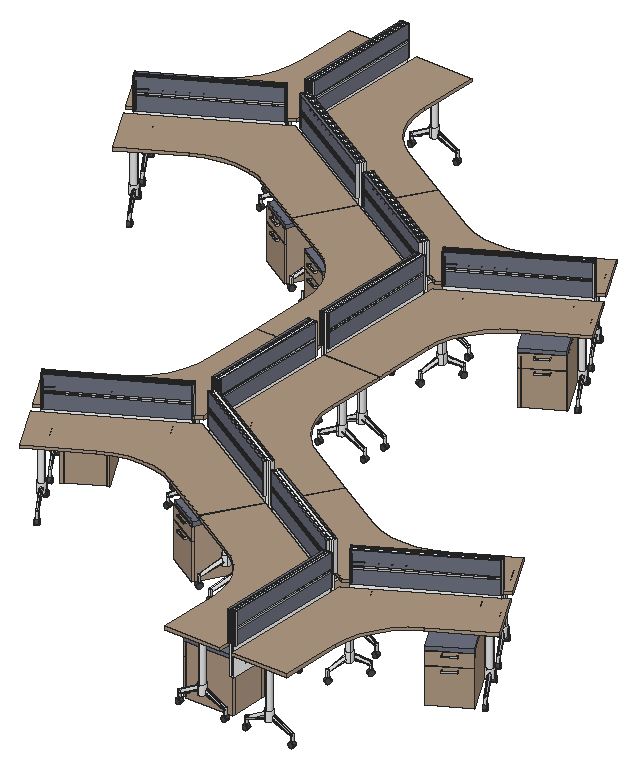
Revit family "T200028", category Furniture, Revit 2013 (continued)
Forms (in)
  Extrusion 292, solid, material "OFS BRANDS INTERMIX WORK Cushion Fabric" <- "Cushion Material"
    sketch origin (51.17952, 7.53675, 18.4375) x (-0.866009, -0.500029, 0) y (-0.500029, 0.866009, 0)
      loop
        line (-26.70937, 43.82086) -> (-11.08437, 43.82087) -> (-11.08437, 63.07087) -> (-26.70937, 63.07086) -> (-26.70937, 43.82086)
    from -3.5 to -2
  Extrusion 293, solid, material "OFS BRANDS INTERMIX WORK Roll Plastic" <- "Roll Material"
    sketch origin (51.99237, 55.66788, 29.4745) x (0.500029, -0.866009, 0) y (0, 0, 1)
      loop
        circle (-19.32729, -28.53442) r 0.94008
    from -0.75 to 0.78386
  Extrusion 294, solid, material "OFS BRANDS INTERMIX WORK Roll Plastic" <- "Roll Material"
    sketch origin (51.99237, 55.66788, 29.4745) x (0.500029, -0.866009, 0) y (0, 0, 1)
      loop
        line (-18.30139, -28.55034) -> (-18.21545, -28.55034)
        arc (-18.21545, -28.55034) -> (-18.50581, -27.785) -> (-19.24135, -27.42579) r 1.11196
        line (-19.24135, -27.42579) -> (-19.24135, -27.09434) -> (-19.41323, -27.09434) -> (-19.41323, -27.42579)
        arc (-19.41323, -27.42579) -> (-20.14338, -27.77914) -> (-20.43925, -28.53442) r 1.11196
        line (-20.43925, -28.53442) -> (-20.35331, -28.53442)
        arc (-20.35331, -28.53442) -> (-20.08257, -27.83996) -> (-19.41323, -27.51201) r 1.02602
        line (-19.41323, -27.51201) -> (-19.41323, -27.59827)
        arc (-19.41323, -27.59827) -> (-19.32729, -27.59434) -> (-19.24135, -27.59827) r 0.94008
        line (-19.24135, -27.59827) -> (-19.24135, -27.51201)
        arc (-19.24135, -27.51201) -> (-18.56665, -27.84584) -> (-18.30139, -28.55034) r 1.02602
    from -0.56728 to 0.61508
  Extrusion 295, solid, material "OFS BRANDS INTERMIX WORK Chassis Wood" <- "Chassis Material"
    sketch origin (130.95118, 20.06909, -8.30733) x (-0.866009, -0.500029, 0) y (0.500029, -0.866009, 0)
      loop
        line (49.64011, -73.35589) -> (49.64011, -91.10589) -> (63.26511, -91.10589) -> (63.26511, -73.35589) -> (49.64011, -73.35589)
    from 10.6875 to 11.75
  Extrusion 296, solid, material "OFS BRANDS INTERMIX WORK Roll Plastic" <- "Roll Material"
    sketch origin (41.81846, 49.79352, 29.4745) x (0.500029, -0.866009, 0) y (0, 0, -1)
      loop
        circle (-19.32729, 28.53442) r 0.94008
    from -0.75 to 0.78386
  Extrusion 297, solid, material "OFS BRANDS INTERMIX WORK Roll Plastic" <- "Roll Material"
    sketch origin (41.81846, 49.79352, 29.4745) x (0.500029, -0.866009, 0) y (0, 0, -1)
      loop
        arc (-18.30139, 28.55034) -> (-18.56665, 27.84584) -> (-19.24135, 27.51201) r 1.02602
        line (-19.24135, 27.51201) -> (-19.24135, 27.59827)
        arc (-19.24135, 27.59827) -> (-19.32729, 27.59434) -> (-19.41323, 27.59827) r 0.94008
        line (-19.41323, 27.59827) -> (-19.41323, 27.51201)
        arc (-19.41323, 27.51201) -> (-20.08257, 27.83996) -> (-20.35331, 28.53442) r 1.02602
        line (-20.35331, 28.53442) -> (-20.43925, 28.53442)
        arc (-20.43925, 28.53442) -> (-20.14338, 27.77914) -> (-19.41323, 27.42579) r 1.11196
        line (-19.41323, 27.42579) -> (-19.41323, 27.09434) -> (-19.24135, 27.09434) -> (-19.24135, 27.42579)
        arc (-19.24135, 27.42579) -> (-18.50581, 27.785) -> (-18.21545, 28.55034) r 1.11196
        line (-18.21545, 28.55034) -> (-18.30139, 28.55034)
    from -0.56728 to 0.61508
  Extrusion 298, solid, material "OFS BRANDS INTERMIX WORK Roll Plastic" <- "Roll Material"
    sketch origin (39.91712, 76.58122, 29.4745) x (-0.500029, 0.866009, 0) y (0, 0, -1)
      loop
        circle (-19.32729, 28.53442) r 0.94008
    from -0.75 to 0.78386
  Extrusion 299, solid, material "OFS BRANDS INTERMIX WORK Roll Plastic" <- "Roll Material"
    sketch origin (39.91712, 76.58122, 29.4745) x (-0.500029, 0.866009, 0) y (0, 0, -1)
      loop
        arc (-18.30139, 28.55034) -> (-18.56665, 27.84584) -> (-19.24135, 27.51201) r 1.02602
        line (-19.24135, 27.51201) -> (-19.24135, 27.59827)
        arc (-19.24135, 27.59827) -> (-19.32729, 27.59434) -> (-19.41323, 27.59827) r 0.94008
        line (-19.41323, 27.59827) -> (-19.41323, 27.51201)
        arc (-19.41323, 27.51201) -> (-20.08257, 27.83996) -> (-20.35331, 28.53442) r 1.02602
        line (-20.35331, 28.53442) -> (-20.43925, 28.53442)
        arc (-20.43925, 28.53442) -> (-20.14338, 27.77914) -> (-19.41323, 27.42579) r 1.11196
        line (-19.41323, 27.42579) -> (-19.41323, 27.09434) -> (-19.24135, 27.09434) -> (-19.24135, 27.42579)
        arc (-19.24135, 27.42579) -> (-18.50581, 27.785) -> (-18.21545, 28.55034) r 1.11196
        line (-18.21545, 28.55034) -> (-18.30139, 28.55034)
    from -0.56728 to 0.61508
  Extrusion 300, solid, material "OFS BRANDS INTERMIX WORK Roll Plastic" <- "Roll Material"
    sketch origin (29.7432, 70.70685, 29.4745) x (-0.500029, 0.866009, 0) y (0, 0, 1)
      loop
        circle (-19.32729, -28.53442) r 0.94008
    from -0.75 to 0.78386
  Extrusion 301, solid, material "OFS BRANDS INTERMIX WORK Roll Plastic" <- "Roll Material"
    sketch origin (29.7432, 70.70685, 29.4745) x (-0.500029, 0.866009, 0) y (0, 0, 1)
      loop
        line (-18.30139, -28.55034) -> (-18.21545, -28.55034)
        arc (-18.21545, -28.55034) -> (-18.50581, -27.785) -> (-19.24135, -27.42579) r 1.11196
        line (-19.24135, -27.42579) -> (-19.24135, -27.09434) -> (-19.41323, -27.09434) -> (-19.41323, -27.42579)
        arc (-19.41323, -27.42579) -> (-20.14338, -27.77914) -> (-20.43925, -28.53442) r 1.11196
        line (-20.43925, -28.53442) -> (-20.35331, -28.53442)
        arc (-20.35331, -28.53442) -> (-20.08257, -27.83996) -> (-19.41323, -27.51201) r 1.02602
        line (-19.41323, -27.51201) -> (-19.41323, -27.59827)
        arc (-19.41323, -27.59827) -> (-19.32729, -27.59434) -> (-19.24135, -27.59827) r 0.94008
        line (-19.24135, -27.59827) -> (-19.24135, -27.51201)
        arc (-19.24135, -27.51201) -> (-18.56665, -27.84584) -> (-18.30139, -28.55034) r 1.02602
    from -0.56728 to 0.61508
  Extrusion 302, solid, material "OFS BRANDS INTERMIX WORK Roll Plastic" <- "Roll Material"
    sketch origin (3.2229, 4.97458, 29.4745) x (-1, -0.000033, 0) y (0, 0, 1)
      loop
        circle (-19.32729, -28.53442) r 0.94008
    from -0.75 to 0.78386
  Extrusion 303, solid, material "OFS BRANDS INTERMIX WORK Roll Plastic" <- "Roll Material"
    sketch origin (3.2229, 4.97458, 29.4745) x (-1, -0.000033, 0) y (0, 0, 1)
      loop
        line (-18.30139, -28.55034) -> (-18.21545, -28.55034)
        arc (-18.21545, -28.55034) -> (-18.50581, -27.785) -> (-19.24135, -27.42579) r 1.11196
        line (-19.24135, -27.42579) -> (-19.24135, -27.09434) -> (-19.41323, -27.09434) -> (-19.41323, -27.42579)
        arc (-19.41323, -27.42579) -> (-20.14338, -27.77914) -> (-20.43925, -28.53442) r 1.11196
        line (-20.43925, -28.53442) -> (-20.35331, -28.53442)
        arc (-20.35331, -28.53442) -> (-20.08257, -27.83996) -> (-19.41323, -27.51201) r 1.02602
        line (-19.41323, -27.51201) -> (-19.41323, -27.59827)
        arc (-19.41323, -27.59827) -> (-19.32729, -27.59434) -> (-19.24135, -27.59827) r 0.94008
        line (-19.24135, -27.59827) -> (-19.24135, -27.51201)
        arc (-19.24135, -27.51201) -> (-18.56665, -27.84584) -> (-18.30139, -28.55034) r 1.02602
    from -0.56728 to 0.61508
  Extrusion 304, solid, material "OFS BRANDS INTERMIX WORK Feet Metal" <- "Feet Material"
    sketch origin (0.0035, 56.57553, 0) x (-0.000033, 1, 0) y (-1, -0.000033, 0)
      loop
        line (-54.57973, -9.4) -> (-54.57973, -17.4) -> (-48.57973, -17.4) -> (-48.57973, -9.4) -> (-54.57973, -9.4)
    from 27.6875 to 27.87542
  Extrusion 305, solid, material "OFS BRANDS INTERMIX WORK Feet Metal" <- "Feet Material"
    sketch origin (0.0035, 56.57553, 0) x (-0.000033, 1, 0) y (-1, -0.000033, 0)
      loop
        circle (-51.57876, -13.39995) r 1.14391
    from 10.29161 to 27.6875
  Extrusion 306, solid, material "OFS BRANDS INTERMIX WORK Feet Metal" <- "Feet Material"
    sketch origin (0.0035, 56.57553, 0) x (-0.000033, 1, 0) y (-1, -0.000033, 0)
      loop
        circle (-51.57876, -13.40165) r 1.51553
    from 6.70403 to 10.29161
  Extrusion 307, solid, material "OFS BRANDS INTERMIX WORK Feet Metal" <- "Feet Material"
    sketch origin (0.0035, 56.57553, 0) x (-0.000033, 1, 0) y (-1, -0.000033, 0)
      loop
        circle (-51.57715, -22.59884) r 0.43
    from 2.38016 to 4.82597
  SweptBlend 308, solid, material "OFS BRANDS INTERMIX WORK Feet Metal" <- "Feet Material"
    path origin (0.0035, 56.57553, 0) x (-1, -0.000033, 0) y (0, 0, 1)
      loop
        line (-13.40165, 7.14826) -> (-22.60845, 3.84119)
    profile origin (13.40515, 56.57597, 7.14826) x (-0.338052, -0.000011, -0.941127) y (-0.000033, 1, 0)
      loop
        line (-2.62281, -51.51844) -> (-2.62281, -51.63768)
        arc (-2.62281, -51.63768) -> (-2.58269, -51.75888) -> (-2.47817, -51.8322) r 0.20313
        line (-2.47817, -51.8322) -> (-1.22705, -52.20839)
        arc (-1.22705, -52.20839) -> (-0.97865, -52.23103) -> (-0.74123, -52.15459) r 0.6241
        line (-0.74123, -52.15459) -> (-0.41933, -51.97341)
        arc (-0.41933, -51.97341) -> (-0.37972, -51.93444) -> (-0.36519, -51.8808) r 0.10627
        line (-0.36519, -51.8808) -> (-0.36519, -51.27484)
        arc (-0.36519, -51.27484) -> (-0.37961, -51.2216) -> (-0.41893, -51.18293) r 0.10547
        line (-0.41893, -51.18293) -> (-0.7409, -51.00171)
        arc (-0.7409, -51.00171) -> (-0.97866, -50.92516) -> (-1.22742, -50.94783) r 0.625
        line (-1.22742, -50.94783) -> (-2.47816, -51.32389)
        arc (-2.47816, -51.32389) -> (-2.58268, -51.39722) -> (-2.62281, -51.51844) r 0.20315
    end profile origin (22.61195, 56.57628, 3.84119) x (-0.338052, -0.000011, -0.941127) y (-0.000033, 1, 0)
      loop
        arc (-0.00296, -51.97173) -> (0.12974, -51.57876) -> (-0.00296, -51.18579) r 0.64824
        arc (-0.00296, -51.18579) -> (-0.47961, -51.2339) -> (-0.93193, -51.39177) r 2.04165
        arc (-0.93193, -51.39177) -> (-1.04882, -51.57876) -> (-0.93193, -51.76575) r 0.20801
        arc (-0.93193, -51.76575) -> (-0.47961, -51.92362) -> (-0.00296, -51.97173) r 2.04165
  Extrusion 309, solid, material "OFS BRANDS INTERMIX WORK Roll Plastic" <- "Roll Material"
    sketch origin (23.5875, 4.97525, 29.4745) x (1, 0.000033, 0) y (0, 0, -1)
      loop
        circle (-19.32729, 28.53442) r 0.94008
    from -0.75 to 0.78386
  Extrusion 310, solid, material "OFS BRANDS INTERMIX WORK Roll Plastic" <- "Roll Material"
    sketch origin (23.5875, 4.97525, 29.4745) x (1, 0.000033, 0) y (0, 0, -1)
      loop
        arc (-18.30139, 28.55034) -> (-18.56665, 27.84584) -> (-19.24135, 27.51201) r 1.02602
        line (-19.24135, 27.51201) -> (-19.24135, 27.59827)
        arc (-19.24135, 27.59827) -> (-19.32729, 27.59434) -> (-19.41323, 27.59827) r 0.94008
        line (-19.41323, 27.59827) -> (-19.41323, 27.51201)
        arc (-19.41323, 27.51201) -> (-20.08257, 27.83996) -> (-20.35331, 28.53442) r 1.02602
        line (-20.35331, 28.53442) -> (-20.43925, 28.53442)
        arc (-20.43925, 28.53442) -> (-20.14338, 27.77914) -> (-19.41323, 27.42579) r 1.11196
        line (-19.41323, 27.42579) -> (-19.41323, 27.09434) -> (-19.24135, 27.09434) -> (-19.24135, 27.42579)
        arc (-19.24135, 27.42579) -> (-18.50581, 27.785) -> (-18.21545, 28.55034) r 1.11196
        line (-18.21545, 28.55034) -> (-18.30139, 28.55034)
    from -0.56728 to 0.61508
  Extrusion 311, solid, material "OFS BRANDS INTERMIX WORK Feet Metal" <- "Feet Material"
    sketch origin (26.8035, 56.57641, 0) x (-0.000033, 1, 0) y (-1, -0.000033, 0)
      loop
        circle (-51.57715, 22.59884) r 0.43
    from 2.38016 to 4.82597
  SweptBlend 312, solid, material "OFS BRANDS INTERMIX WORK Feet Metal" <- "Feet Material"
    path origin (26.8035, 56.57641, 0) x (1, 0.000033, 0) y (0, 0, -1)
      loop
        line (-13.40165, -7.14826) -> (-22.60845, -3.84119)
    profile origin (13.40185, 56.57597, 7.14826) x (-0.338052, -0.000011, 0.941127) y (-0.000033, 1, 0)
      loop
        arc (2.62281, -51.51844) -> (2.58268, -51.39722) -> (2.47816, -51.32389) r 0.20315
        line (2.47816, -51.32389) -> (1.22742, -50.94783)
        arc (1.22742, -50.94783) -> (0.97866, -50.92516) -> (0.7409, -51.00171) r 0.625
        line (0.7409, -51.00171) -> (0.41893, -51.18293)
        arc (0.41893, -51.18293) -> (0.37961, -51.2216) -> (0.36519, -51.27484) r 0.10547
        line (0.36519, -51.27484) -> (0.36519, -51.8808)
        arc (0.36519, -51.8808) -> (0.37972, -51.93444) -> (0.41933, -51.97341) r 0.10627
        line (0.41933, -51.97341) -> (0.74123, -52.15459)
        arc (0.74123, -52.15459) -> (0.97865, -52.23103) -> (1.22705, -52.20839) r 0.6241
        line (1.22705, -52.20839) -> (2.47817, -51.8322)
        arc (2.47817, -51.8322) -> (2.58269, -51.75888) -> (2.62281, -51.63768) r 0.20313
        line (2.62281, -51.63768) -> (2.62281, -51.51844)
    end profile origin (4.19505, 56.57567, 3.84119) x (-0.338052, -0.000011, 0.941127) y (-0.000033, 1, 0)
      loop
        arc (0.00296, -51.97173) -> (0.47961, -51.92362) -> (0.93193, -51.76575) r 2.04165
        arc (0.93193, -51.76575) -> (1.04882, -51.57876) -> (0.93193, -51.39177) r 0.20801
        arc (0.93193, -51.39177) -> (0.47961, -51.2339) -> (0.00296, -51.18579) r 2.04165
        arc (0.00296, -51.18579) -> (-0.12974, -51.57876) -> (0.00296, -51.97173) r 0.64824
  Extrusion 313, solid, material "OFS BRANDS INTERMIX WORK Top Core Wood" <- "Top Core Material"
    sketch origin (125.5118, 75.6627, 0) x (0.500029, -0.866009, 0) y (0.866009, 0.500029, 0)
      loop
        line (3.97134, -144.44683) -> (14.97134, -125.39429) -> (-5.81327, -113.39428)
        arc (-5.81327, -113.39428) -> (-16.7855, -102.41798) -> (-20.79403, -87.42463) r 29.96155
        line (-20.79403, -87.42463) -> (-20.79403, -63.44684) -> (-42.79403, -63.44684) -> (-42.79403, -117.44683) -> (3.97134, -144.44683)
    from 27.87542 to 29.00005
  Extrusion 314, solid, material "OFS BRANDS INTERMIX WORK Feet Metal" <- "Feet Material"
    sketch origin (-28.63872, 87.38944, 0) x (-0.866042, 0.499971, 0) y (-0.499971, -0.866042, 0)
      loop
        line (-54.57973, 9.4) -> (-48.57973, 9.4) -> (-48.57973, 17.4) -> (-54.57973, 17.4) -> (-54.57973, 9.4)
    from 27.6875 to 27.87542
  Extrusion 315, solid, material "OFS BRANDS INTERMIX WORK Feet Metal" <- "Feet Material"
    sketch origin (-28.63872, 87.38944, 0) x (-0.866042, 0.499971, 0) y (-0.499971, -0.866042, 0)
      loop
        circle (-51.57876, 13.39995) r 1.14391
    from 10.29161 to 27.6875
  Extrusion 316, solid, material "OFS BRANDS INTERMIX WORK Feet Metal" <- "Feet Material"
    sketch origin (-28.63872, 87.38944, 0) x (-0.866042, 0.499971, 0) y (-0.499971, -0.866042, 0)
      loop
        circle (-51.57876, 13.40165) r 1.51553
    from 6.70403 to 10.29161
  Extrusion 317, solid, material "OFS BRANDS INTERMIX WORK Roll Plastic" <- "Roll Material"
    sketch origin (3.28989, 39.48759, 29.4745) x (-0.499971, -0.866042, 0) y (0, 0, 1)
      loop
        circle (-19.32729, -28.53442) r 0.94008
    from -0.75 to 0.78386
  Extrusion 318, solid, material "OFS BRANDS INTERMIX WORK Roll Plastic" <- "Roll Material"
    sketch origin (3.28989, 39.48759, 29.4745) x (-0.499971, -0.866042, 0) y (0, 0, 1)
      loop
        line (-18.30139, -28.55034) -> (-18.21545, -28.55034)
        arc (-18.21545, -28.55034) -> (-18.50581, -27.785) -> (-19.24135, -27.42579) r 1.11196
        line (-19.24135, -27.42579) -> (-19.24135, -27.09434) -> (-19.41323, -27.09434) -> (-19.41323, -27.42579)
        arc (-19.41323, -27.42579) -> (-20.14338, -27.77914) -> (-20.43925, -28.53442) r 1.11196
        line (-20.43925, -28.53442) -> (-20.35331, -28.53442)
        arc (-20.35331, -28.53442) -> (-20.08257, -27.83996) -> (-19.41323, -27.51201) r 1.02602
        line (-19.41323, -27.51201) -> (-19.41323, -27.59827)
        arc (-19.41323, -27.59827) -> (-19.32729, -27.59434) -> (-19.24135, -27.59827) r 0.94008
        line (-19.24135, -27.59827) -> (-19.24135, -27.51201)
        arc (-19.24135, -27.51201) -> (-18.56665, -27.84584) -> (-18.30139, -28.55034) r 1.02602
    from -0.56728 to 0.61508
  Extrusion 319, solid, material "OFS BRANDS INTERMIX WORK Feet Metal" <- "Feet Material"
    sketch origin (-43.00755, 62.49995, 0) x (-0.866042, 0.499971, 0) y (-0.499971, -0.866042, 0)
      loop
        circle (-51.57715, -22.59884) r 0.43
    from 2.38016 to 4.9582
  SweptBlend 320, solid, material "OFS BRANDS INTERMIX WORK Feet Metal" <- "Feet Material"
    path origin (-42.03794, 64.1795, 0) x (-0.499971, -0.866042, 0) y (0, 0, 1)
      loop
        line (-13.15165, 7.14826) -> (-20.5899, 3.99092)
    profile origin (-35.4625, 75.56939, 7.14826) x (-0.195354, -0.33839, -0.920505) y (-0.866042, 0.499971, 0)
      loop
        line (-2.62281, -51.51844) -> (-2.62281, -51.63768)
        arc (-2.62281, -51.63768) -> (-2.58269, -51.75888) -> (-2.47817, -51.8322) r 0.20313
        line (-2.47817, -51.8322) -> (-1.22705, -52.20839)
        arc (-1.22705, -52.20839) -> (-0.97865, -52.23103) -> (-0.74123, -52.15459) r 0.6241
        line (-0.74123, -52.15459) -> (-0.41933, -51.97341)
        arc (-0.41933, -51.97341) -> (-0.37972, -51.93444) -> (-0.36519, -51.8808) r 0.10627
        line (-0.36519, -51.8808) -> (-0.36519, -51.27484)
        arc (-0.36519, -51.27484) -> (-0.37961, -51.2216) -> (-0.41893, -51.18293) r 0.10547
        line (-0.41893, -51.18293) -> (-0.7409, -51.00171)
        arc (-0.7409, -51.00171) -> (-0.97866, -50.92516) -> (-1.22742, -50.94783) r 0.625
        line (-1.22742, -50.94783) -> (-2.47816, -51.32389)
        arc (-2.47816, -51.32389) -> (-2.58268, -51.39722) -> (-2.62281, -51.51844) r 0.20315
    end profile origin (-31.74359, 82.01122, 3.99092) x (-0.195354, -0.33839, -0.920505) y (-0.866042, 0.499971, 0)
      loop
        arc (-0.00296, -51.97173) -> (0.12974, -51.57876) -> (-0.00296, -51.18579) r 0.64824
        arc (-0.00296, -51.18579) -> (-0.47961, -51.2339) -> (-0.93193, -51.39177) r 2.04165
        arc (-0.93193, -51.39177) -> (-1.04882, -51.57876) -> (-0.93193, -51.76575) r 0.20801
        arc (-0.93193, -51.76575) -> (-0.47961, -51.92362) -> (-0.00296, -51.97173) r 2.04165
  Extrusion 321, solid, material "OFS BRANDS INTERMIX WORK Roll Plastic" <- "Roll Material"
    sketch origin (15.41083, 60.4833, 29.4745) x (0.499971, 0.866042, 0) y (0, 0, -1)
      loop
        circle (-19.32729, 28.53442) r 0.94008
    from -0.75 to 0.78386
  Extrusion 322, solid, material "OFS BRANDS INTERMIX WORK Roll Plastic" <- "Roll Material"
    sketch origin (15.41083, 60.4833, 29.4745) x (0.499971, 0.866042, 0) y (0, 0, -1)
      loop
        arc (-18.30139, 28.55034) -> (-18.56665, 27.84584) -> (-19.24135, 27.51201) r 1.02602
        line (-19.24135, 27.51201) -> (-19.24135, 27.59827)
        arc (-19.24135, 27.59827) -> (-19.32729, 27.59434) -> (-19.41323, 27.59827) r 0.94008
        line (-19.41323, 27.59827) -> (-19.41323, 27.51201)
        arc (-19.41323, 27.51201) -> (-20.08257, 27.83996) -> (-20.35331, 28.53442) r 1.02602
        line (-20.35331, 28.53442) -> (-20.43925, 28.53442)
        arc (-20.43925, 28.53442) -> (-20.14338, 27.77914) -> (-19.41323, 27.42579) r 1.11196
        line (-19.41323, 27.42579) -> (-19.41323, 27.09434) -> (-19.24135, 27.09434) -> (-19.24135, 27.42579)
        arc (-19.24135, 27.42579) -> (-18.50581, 27.785) -> (-18.21545, 28.55034) r 1.11196
        line (-18.21545, 28.55034) -> (-18.30139, 28.55034)
    from -0.56728 to 0.61508
  Extrusion 323, solid, material "OFS BRANDS INTERMIX WORK Feet Metal" <- "Feet Material"
    sketch origin (-27.66911, 89.06899, 0) x (-0.866042, 0.499971, 0) y (-0.499971, -0.866042, 0)
      loop
        circle (-51.57715, 22.59884) r 0.43
    from 2.38016 to 4.9582
  SweptBlend 324, solid, material "OFS BRANDS INTERMIX WORK Feet Metal" <- "Feet Material"
    path origin (-28.63872, 87.38944, 0) x (0.499971, 0.866042, 0) y (0, 0, -1)
      loop
        line (-13.15165, -7.14826) -> (-20.5899, -3.99092)
    profile origin (-35.21416, 75.99955, 7.14826) x (-0.195354, -0.33839, 0.920505) y (-0.866042, 0.499971, 0)
      loop
        arc (2.62281, -51.51844) -> (2.58268, -51.39722) -> (2.47816, -51.32389) r 0.20315
        line (2.47816, -51.32389) -> (1.22742, -50.94783)
        arc (1.22742, -50.94783) -> (0.97866, -50.92516) -> (0.7409, -51.00171) r 0.625
        line (0.7409, -51.00171) -> (0.41893, -51.18293)
        arc (0.41893, -51.18293) -> (0.37961, -51.2216) -> (0.36519, -51.27484) r 0.10547
        line (0.36519, -51.27484) -> (0.36519, -51.8808)
        arc (0.36519, -51.8808) -> (0.37972, -51.93444) -> (0.41933, -51.97341) r 0.10627
        line (0.41933, -51.97341) -> (0.74123, -52.15459)
        arc (0.74123, -52.15459) -> (0.97865, -52.23103) -> (1.22705, -52.20839) r 0.6241
        line (1.22705, -52.20839) -> (2.47817, -51.8322)
        arc (2.47817, -51.8322) -> (2.58269, -51.75888) -> (2.62281, -51.63768) r 0.20313
        line (2.62281, -51.63768) -> (2.62281, -51.51844)
    end profile origin (-38.93307, 69.55772, 3.99092) x (-0.195354, -0.33839, 0.920505) y (-0.866042, 0.499971, 0)
      loop
        arc (0.00296, -51.97173) -> (0.47961, -51.92362) -> (0.93193, -51.76575) r 2.04165
        arc (0.93193, -51.76575) -> (1.04882, -51.57876) -> (0.93193, -51.39177) r 0.20801
        arc (0.93193, -51.39177) -> (0.47961, -51.2339) -> (0.00296, -51.18579) r 2.04165
        arc (0.00296, -51.18579) -> (-0.12974, -51.57876) -> (0.00296, -51.97173) r 0.64824
  Extrusion 325, solid, material "OFS BRANDS INTERMIX WORK Back Coverage Plastic" <- "Back Coverage Material"
    sketch origin (-0.06964, 30.00294, 29.4745) x (-0.000042, 1, 0) y (0, 0, -1)
      loop
        line (20.99537, 11.2245) -> (-27.00463, 11.2245) -> (-27.00463, -12.5255) -> (20.99537, -12.5255) -> (20.99537, 11.2245)
    from -0.9375 to -0.1875
  Extrusion 326, solid, material "OFS BRANDS INTERMIX WORK Tackboard Fabric" <- "Tackboard Material"
    sketch origin (0.96361, 30.00298, 29.4745) x (-0.000042, 1, 0) y (0, 0, -1)
      loop
        line (21.02662, -6.99425) -> (-27.03588, -6.99425) -> (-27.03588, -12.5255) -> (21.02662, -12.5255) -> (21.02662, -6.99425)
    from -0.66085 to 0.03085
  Extrusion 327, solid, material "OFS BRANDS INTERMIX WORK Tackboard Fabric" <- "Tackboard Material"
    sketch origin (0.96361, 30.00298, 22.69325) x (-0.000042, 1, 0) y (0, 0, -1)
      loop
        line (20.68752, -6.99425) -> (-27.03588, -6.99425) -> (-27.03588, -12.5255) -> (20.68752, -12.5255) -> (20.68752, -6.99425)
    from -0.66085 to 0.03085
  Extrusion 328, solid, material "OFS BRANDS INTERMIX WORK Conector Metal" <- "Conector Material"
    sketch origin (-0.6018, 55.04026, 0) x (0.000042, -1, 0) y (1, 0.000042, 0)
      loop
        line (51.73413, 2.29012) -> (51.73413, 2.25422) -> (52.07323, 2.25422) -> (52.07323, 1.50452) -> (51.35913, 1.50452) -> (51.35913, 1.46862) -> (52.10913, 1.46862) -> (52.10913, 2.29011) -> (51.73413, 2.29012)
    from 29.74775 to 41.93975
  Extrusion 329, solid, material "OFS BRANDS INTERMIX WORK Tool Rail Metal" <- "Tool Rail Material"
    sketch origin (-0.6018, 55.04026, 0) x (-1, -0.000042, 0) y (0, 0, -1)
      loop
        line (-1.53351, -35.21875) -> (-2.23612, -35.21875) -> (-2.23612, -35.78469) -> (-2.01958, -35.78469) -> (-1.88459, -35.70359) -> (-1.80037, -35.84375) -> (-1.88459, -35.98391) -> (-2.01958, -35.9028) -> (-2.23612, -35.9028) -> (-2.23612, -36.46875) -> (-1.53351, -36.46875) -> (-1.53351, -37.21875) -> (-1.46862, -37.21875) -> (-1.46862, -36.38875) -> (-2.15612, -36.38875) -> (-2.15612, -35.9828) -> (-2.04176, -35.9828) -> (-1.85625, -36.09427) -> (-1.70638, -35.84486) -> (-1.85742, -35.59348) -> (-2.04082, -35.70367) -> (-2.15612, -35.70367) -> (-2.15611, -35.29875) -> (-1.46862, -35.29875) -> (-1.46862, -34.46875) -> (-1.53351, -34.46875) -> (-1.53351, -35.21875)
    from 4.01073 to 52.07323
  Extrusion 330, solid, material "OFS BRANDS INTERMIX WORK Conector Metal" <- "Conector Material"
    sketch origin (-0.59947, -1.04369, 0) x (-0.000042, 1, 0) y (-1, -0.000042, 0)
      loop
        line (51.73413, -2.29012) -> (52.10913, -2.29011) -> (52.10913, -1.46862) -> (51.35913, -1.46862) -> (51.35913, -1.50452) -> (52.07323, -1.50452) -> (52.07323, -2.25422) -> (51.73413, -2.25422) -> (51.73413, -2.29012)
    from 29.74775 to 41.93975
  Extrusion 331, solid, material "OFS BRANDS INTERMIX WORK Conector Clip Metal" <- "Conector Clip Material"
    sketch origin (-0.06852, 2.99831, 57.662) x (0, 0, -1) y (1, 0.000042, 0)
      loop
        line (29.787, 2.37745) -> (31.22695, 0.9375) -> (36.66201, 0.9375) -> (36.66201, 1.1563) -> (31.27888, 1.1563) -> (29.9745, 2.46068) -> (29.9745, 10.34879) -> (29.787, 10.34879) -> (29.787, 2.37745)
    from -7.1875 to -5.8125
  Extrusion 332, solid, material "OFS BRANDS INTERMIX WORK Conector Clip Metal" <- "Conector Clip Material"
    sketch origin (-0.06852, 2.99831, 57.662) x (0, 0, -1) y (1, 0.000042, 0)
      loop
        line (35.87689, 1.1563) -> (36.66201, 1.1563) -> (30.037, 11.86776) -> (30.037, 10.49716) -> (35.87689, 1.1563)
    from -6.59375 to -6.40625
  Extrusion 333, solid, material "OFS BRANDS INTERMIX WORK Conector Clip Metal" <- "Conector Clip Material"
    sketch origin (-0.06998, 37.99831, 57.662) x (0, 0, -1) y (1, 0.000042, 0)
      loop
        line (29.787, 2.37745) -> (31.22695, 0.9375) -> (36.66201, 0.9375) -> (36.66201, 1.1563) -> (31.27888, 1.1563) -> (29.9745, 2.46068) -> (29.9745, 10.34879) -> (29.787, 10.34879) -> (29.787, 2.37745)
    from -7.1875 to -5.8125
  Extrusion 334, solid, material "OFS BRANDS INTERMIX WORK Conector Clip Metal" <- "Conector Clip Material"
    sketch origin (-0.06998, 37.99831, 57.662) x (0, 0, -1) y (1, 0.000042, 0)
      loop
        line (35.87689, 1.1563) -> (36.66201, 1.1563) -> (30.037, 11.86776) -> (30.037, 10.49716) -> (35.87689, 1.1563)
    from -6.59375 to -6.40625
  Extrusion 335, solid, material "OFS BRANDS INTERMIX WORK Back Coverage Plastic" <- "Back Coverage Material"
    sketch origin (21.94452, 68.13552, 29.4745) x (-0.866013, -0.500022, 0) y (0, 0, 1)
      loop
        line (20.99537, -11.2245) -> (20.99537, 12.5255) -> (-27.00463, 12.5255) -> (-27.00463, -11.2245) -> (20.99537, -11.2245)
    from -0.9375 to -0.1875
  Extrusion 336, solid, material "OFS BRANDS INTERMIX WORK Tackboard Fabric" <- "Tackboard Material"
    sketch origin (22.46117, 67.24071, 29.4745) x (-0.866013, -0.500022, 0) y (0, 0, 1)
      loop
        line (21.02662, 6.99425) -> (21.02662, 12.5255) -> (-27.03588, 12.5255) -> (-27.03588, 6.99425) -> (21.02662, 6.99425)
    from -0.66085 to 0.03085
  Extrusion 337, solid, material "OFS BRANDS INTERMIX WORK Tackboard Fabric" <- "Tackboard Material"
    sketch origin (22.46117, 67.24071, 22.69325) x (-0.866013, -0.500022, 0) y (0, 0, 1)
      loop
        line (20.68752, 6.99425) -> (20.68752, 12.5255) -> (-27.03588, 12.5255) -> (-27.03588, 6.99425) -> (20.68752, 6.99425)
    from -0.66085 to 0.03085
  Extrusion 338, solid, material "OFS BRANDS INTERMIX WORK Conector Metal" <- "Conector Material"
    sketch origin (-0.00372, 56.07625, 0) x (0.866013, 0.500022, 0) y (-0.500022, 0.866013, 0)
      loop
        line (51.73413, -2.29012) -> (52.10913, -2.29011) -> (52.10913, -1.46862) -> (51.35913, -1.46862) -> (51.35913, -1.50452) -> (52.07323, -1.50452) -> (52.07323, -2.25422) -> (51.73413, -2.25422) -> (51.73413, -2.29012)
    from 29.74775 to 41.93975
  Extrusion 339, solid, material "OFS BRANDS INTERMIX WORK Tool Rail Metal" <- "Tool Rail Material"
    sketch origin (-0.00372, 56.07625, 0) x (-0.500022, 0.866013, 0) y (0, 0, 1)
      loop
        line (-1.53351, 35.21875) -> (-1.53351, 34.46875) -> (-1.46862, 34.46875) -> (-1.46862, 35.29875) -> (-2.15611, 35.29875) -> (-2.15612, 35.70367) -> (-2.04082, 35.70367) -> (-1.85742, 35.59348) -> (-1.70638, 35.84486) -> (-1.85625, 36.09427) -> (-2.04176, 35.9828) -> (-2.15612, 35.9828) -> (-2.15612, 36.38875) -> (-1.46862, 36.38875) -> (-1.46862, 37.21875) -> (-1.53351, 37.21875) -> (-1.53351, 36.46875) -> (-2.23612, 36.46875) -> (-2.23612, 35.9028) -> (-2.01958, 35.9028) -> (-1.88459, 35.98391) -> (-1.80037, 35.84375) -> (-1.88459, 35.70359) -> (-2.01958, 35.78469) -> (-2.23612, 35.78469) -> (-2.23612, 35.21875) -> (-1.53351, 35.21875)
    from 4.01073 to 52.07323
  Extrusion 340, solid, material "OFS BRANDS INTERMIX WORK Conector Metal" <- "Conector Material"
    sketch origin (48.56571, 84.11944, 0) x (-0.866013, -0.500022, 0) y (0.500022, -0.866013, 0)
      loop
        line (51.73413, 2.29012) -> (51.73413, 2.25422) -> (52.07323, 2.25422) -> (52.07323, 1.50452) -> (51.35913, 1.50452) -> (51.35913, 1.46862) -> (52.10913, 1.46862) -> (52.10913, 2.29011) -> (51.73413, 2.29012)
    from 29.74775 to 41.93975
  Extrusion 341, solid, material "OFS BRANDS INTERMIX WORK Conector Clip Metal" <- "Conector Clip Material"
    sketch origin (45.33087, 81.63842, 57.662) x (0, 0, -1) y (-0.500022, 0.866013, 0)
      loop
        line (29.787, -2.37745) -> (29.787, -10.34879) -> (29.9745, -10.34879) -> (29.9745, -2.46068) -> (31.27888, -1.1563) -> (36.66201, -1.1563) -> (36.66201, -0.9375) -> (31.22695, -0.9375) -> (29.787, -2.37745)
    from -7.1875 to -5.8125
  Extrusion 342, solid, material "OFS BRANDS INTERMIX WORK Conector Clip Metal" <- "Conector Clip Material"
    sketch origin (45.33087, 81.63842, 57.662) x (0, 0, -1) y (-0.500022, 0.866013, 0)
      loop
        line (35.87689, -1.1563) -> (30.037, -10.49716) -> (30.037, -11.86776) -> (36.66201, -1.1563) -> (35.87689, -1.1563)
    from -6.59375 to -6.40625
  Extrusion 343, solid, material "OFS BRANDS INTERMIX WORK Conector Clip Metal" <- "Conector Clip Material"
    sketch origin (15.02042, 64.13766, 57.662) x (0, 0, -1) y (-0.500022, 0.866013, 0)
      loop
        line (29.787, -2.37745) -> (29.787, -10.34879) -> (29.9745, -10.34879) -> (29.9745, -2.46068) -> (31.27888, -1.1563) -> (36.66201, -1.1563) -> (36.66201, -0.9375) -> (31.22695, -0.9375) -> (29.787, -2.37745)
    from -7.1875 to -5.8125
  Extrusion 344, solid, material "OFS BRANDS INTERMIX WORK Conector Clip Metal" <- "Conector Clip Material"
    sketch origin (15.02042, 64.13766, 57.662) x (0, 0, -1) y (-0.500022, 0.866013, 0)
      loop
        line (35.87689, -1.1563) -> (30.037, -10.49716) -> (30.037, -11.86776) -> (36.66201, -1.1563) -> (35.87689, -1.1563)
    from -6.59375 to -6.40625
  Extrusion 345, solid, material "OFS BRANDS INTERMIX WORK Roll Plastic" <- "Roll Material"
    sketch origin (45.26534, 77.79982, 29.4745) x (-0.500029, 0.866009, 0) y (0, 0, -1)
      loop
        circle (-19.32729, 28.53442) r 0.94008
    from -0.75 to 0.78386
  Extrusion 346, solid, material "OFS BRANDS INTERMIX WORK Roll Plastic" <- "Roll Material"
    sketch origin (45.26534, 77.79982, 29.4745) x (-0.500029, 0.866009, 0) y (0, 0, -1)
      loop
        arc (-18.30139, 28.55034) -> (-18.56665, 27.84584) -> (-19.24135, 27.51201) r 1.02602
        line (-19.24135, 27.51201) -> (-19.24135, 27.59827)
        arc (-19.24135, 27.59827) -> (-19.32729, 27.59434) -> (-19.41323, 27.59827) r 0.94008
        line (-19.41323, 27.59827) -> (-19.41323, 27.51201)
        arc (-19.41323, 27.51201) -> (-20.08257, 27.83996) -> (-20.35331, 28.53442) r 1.02602
        line (-20.35331, 28.53442) -> (-20.43925, 28.53442)
        arc (-20.43925, 28.53442) -> (-20.14338, 27.77914) -> (-19.41323, 27.42579) r 1.11196
        line (-19.41323, 27.42579) -> (-19.41323, 27.09434) -> (-19.24135, 27.09434) -> (-19.24135, 27.42579)
        arc (-19.24135, 27.42579) -> (-18.50581, 27.785) -> (-18.21545, 28.55034) r 1.11196
        line (-18.21545, 28.55034) -> (-18.30139, 28.55034)
    from -0.56728 to 0.61508
  Extrusion 347, solid, material "OFS BRANDS INTERMIX WORK Feet Metal" <- "Feet Material"
    sketch origin (-1.03056, 54.78434, 0) x (-0.866009, -0.500029, 0) y (0.500029, -0.866009, 0)
      loop
        line (-54.57973, 9.4) -> (-48.57973, 9.4) -> (-48.57973, 17.4) -> (-54.57973, 17.4) -> (-54.57973, 9.4)
    from 27.6875 to 27.87542
  Extrusion 348, solid, material "OFS BRANDS INTERMIX WORK Feet Metal" <- "Feet Material"
    sketch origin (-1.03056, 54.78434, 0) x (-0.866009, -0.500029, 0) y (0.500029, -0.866009, 0)
      loop
        circle (-51.57876, 13.39995) r 1.14391
    from 10.29161 to 27.6875
  Extrusion 349, solid, material "OFS BRANDS INTERMIX WORK Feet Metal" <- "Feet Material"
    sketch origin (-1.03056, 54.78434, 0) x (-0.866009, -0.500029, 0) y (0.500029, -0.866009, 0)
      loop
        circle (-51.57876, 13.40165) r 1.51553
    from 6.70403 to 10.29161
  Extrusion 350, solid, material "OFS BRANDS INTERMIX WORK Feet Metal" <- "Feet Material"
    sketch origin (-1.03056, 54.78434, 0) x (-0.866009, -0.500029, 0) y (0.500029, -0.866009, 0)
      loop
        circle (-51.57715, 22.59884) r 0.43
    from 2.38016 to 4.82597
  SweptBlend 351, solid, material "OFS BRANDS INTERMIX WORK Feet Metal" <- "Feet Material"
    path origin (-1.03056, 54.78434, 0) x (-0.500029, 0.866009, 0) y (0, 0, -1)
      loop
        line (-13.40165, -7.14826) -> (-22.60845, -3.84119)
    profile origin (5.67065, 43.1784, 7.14826) x (0.169036, -0.292756, 0.941127) y (-0.866009, -0.500029, 0)
      loop
        arc (2.62281, -51.51844) -> (2.58268, -51.39722) -> (2.47816, -51.32389) r 0.20315
        line (2.47816, -51.32389) -> (1.22742, -50.94783)
        arc (1.22742, -50.94783) -> (0.97866, -50.92516) -> (0.7409, -51.00171) r 0.625
        line (0.7409, -51.00171) -> (0.41893, -51.18293)
        arc (0.41893, -51.18293) -> (0.37961, -51.2216) -> (0.36519, -51.27484) r 0.10547
        line (0.36519, -51.27484) -> (0.36519, -51.8808)
        arc (0.36519, -51.8808) -> (0.37972, -51.93444) -> (0.41933, -51.97341) r 0.10627
        line (0.41933, -51.97341) -> (0.74123, -52.15459)
        arc (0.74123, -52.15459) -> (0.97865, -52.23103) -> (1.22705, -52.20839) r 0.6241
        line (1.22705, -52.20839) -> (2.47817, -51.8322)
        arc (2.47817, -51.8322) -> (2.58269, -51.75888) -> (2.62281, -51.63768) r 0.20313
        line (2.62281, -51.63768) -> (2.62281, -51.51844)
    end profile origin (10.27432, 35.20523, 3.84119) x (0.169036, -0.292756, 0.941127) y (-0.866009, -0.500029, 0)
      loop
        arc (0.00296, -51.97173) -> (0.47961, -51.92362) -> (0.93193, -51.76575) r 2.04165
        arc (0.93193, -51.76575) -> (1.04882, -51.57876) -> (0.93193, -51.39177) r 0.20801
        arc (0.93193, -51.39177) -> (0.47961, -51.2339) -> (0.00296, -51.18579) r 2.04165
        arc (0.00296, -51.18579) -> (-0.12974, -51.57876) -> (0.00296, -51.97173) r 0.64824
  Extrusion 352, solid, material "OFS BRANDS INTERMIX WORK Roll Plastic" <- "Roll Material"
    sketch origin (55.44823, 60.1639, 29.4745) x (0.500029, -0.866009, 0) y (0, 0, 1)
      loop
        circle (-19.32729, -28.53442) r 0.94008
    from -0.75 to 0.78386
  Extrusion 353, solid, material "OFS BRANDS INTERMIX WORK Roll Plastic" <- "Roll Material"
    sketch origin (55.44823, 60.1639, 29.4745) x (0.500029, -0.866009, 0) y (0, 0, 1)
      loop
        line (-18.30139, -28.55034) -> (-18.21545, -28.55034)
        arc (-18.21545, -28.55034) -> (-18.50581, -27.785) -> (-19.24135, -27.42579) r 1.11196
        line (-19.24135, -27.42579) -> (-19.24135, -27.09434) -> (-19.41323, -27.09434) -> (-19.41323, -27.42579)
        arc (-19.41323, -27.42579) -> (-20.14338, -27.77914) -> (-20.43925, -28.53442) r 1.11196
        line (-20.43925, -28.53442) -> (-20.35331, -28.53442)
        arc (-20.35331, -28.53442) -> (-20.08257, -27.83996) -> (-19.41323, -27.51201) r 1.02602
        line (-19.41323, -27.51201) -> (-19.41323, -27.59827)
        arc (-19.41323, -27.59827) -> (-19.32729, -27.59434) -> (-19.24135, -27.59827) r 0.94008
        line (-19.24135, -27.59827) -> (-19.24135, -27.51201)
        arc (-19.24135, -27.51201) -> (-18.56665, -27.84584) -> (-18.30139, -28.55034) r 1.02602
    from -0.56728 to 0.61508
  Extrusion 354, solid, material "OFS BRANDS INTERMIX WORK Feet Metal" <- "Feet Material"
    sketch origin (12.37022, 31.57531, 0) x (-0.866009, -0.500029, 0) y (0.500029, -0.866009, 0)
      loop
        circle (-51.57715, -22.59884) r 0.43
    from 2.38016 to 4.82597
  SweptBlend 355, solid, material "OFS BRANDS INTERMIX WORK Feet Metal" <- "Feet Material"
    path origin (12.37022, 31.57531, 0) x (0.500029, -0.866009, 0) y (0, 0, 1)
      loop
        line (-13.40165, 7.14826) -> (-22.60845, 3.84119)
    profile origin (5.669, 43.18126, 7.14826) x (0.169036, -0.292756, -0.941127) y (-0.866009, -0.500029, 0)
      loop
        line (-2.62281, -51.51844) -> (-2.62281, -51.63768)
        arc (-2.62281, -51.63768) -> (-2.58269, -51.75888) -> (-2.47817, -51.8322) r 0.20313
        line (-2.47817, -51.8322) -> (-1.22705, -52.20839)
        arc (-1.22705, -52.20839) -> (-0.97865, -52.23103) -> (-0.74123, -52.15459) r 0.6241
        line (-0.74123, -52.15459) -> (-0.41933, -51.97341)
        arc (-0.41933, -51.97341) -> (-0.37972, -51.93444) -> (-0.36519, -51.8808) r 0.10627
        line (-0.36519, -51.8808) -> (-0.36519, -51.27484)
        arc (-0.36519, -51.27484) -> (-0.37961, -51.2216) -> (-0.41893, -51.18293) r 0.10547
        line (-0.41893, -51.18293) -> (-0.7409, -51.00171)
        arc (-0.7409, -51.00171) -> (-0.97866, -50.92516) -> (-1.22742, -50.94783) r 0.625
        line (-1.22742, -50.94783) -> (-2.47816, -51.32389)
        arc (-2.47816, -51.32389) -> (-2.58268, -51.39722) -> (-2.62281, -51.51844) r 0.20315
    end profile origin (1.06533, 51.15442, 3.84119) x (0.169036, -0.292756, -0.941127) y (-0.866009, -0.500029, 0)
      loop
        arc (-0.00296, -51.97173) -> (0.12974, -51.57876) -> (-0.00296, -51.18579) r 0.64824
        arc (-0.00296, -51.18579) -> (-0.47961, -51.2339) -> (-0.93193, -51.39177) r 2.04165
        arc (-0.93193, -51.39177) -> (-1.04882, -51.57876) -> (-0.93193, -51.76575) r 0.20801
        arc (-0.93193, -51.76575) -> (-0.47961, -51.92362) -> (-0.00296, -51.97173) r 2.04165
  Extrusion 356, solid, material "OFS BRANDS INTERMIX WORK Drawer Front Wood" <- "Drawer Front Material"
    sketch origin (0.12603, 29.74004, -6.96875) x (0.866034, -0.499986, 0) y (0, 0, -1)
      loop
        line (-59.97733, -27.3125) -> (-44.47733, -27.3125) -> (-44.47733, -21.96875) -> (-59.97733, -21.96875) -> (-59.97733, -27.3125)
    from -1.3075 to -0.5575
  Extrusion 357, solid, material "OFS BRANDS INTERMIX WORK Pull Metal" <- "Pull Material"
    sketch origin (-28.25571, 10.92006, -10.06825) x (0.866034, -0.499986, 0) y (0.499986, 0.866034, 0)
      loop
        line (-39.43501, 29.18171) -> (-39.68501, 29.18171) -> (-39.68501, 28.17671) -> (-34.43501, 28.17671) -> (-34.43501, 29.18171) -> (-34.68501, 29.18171) -> (-34.68501, 28.42671) -> (-39.43501, 28.42671) -> (-39.43501, 29.18171)
    from 28.9745 to 29.4745
  Extrusion 358, solid, material "OFS BRANDS INTERMIX WORK Drawer Front Wood" <- "Drawer Front Material"
    sketch origin (0.12603, 29.74004, -12.4375) x (0.866034, -0.499986, 0) y (0, 0, -1)
      loop
        line (-59.97733, -27.3125) -> (-44.47733, -27.3125) -> (-44.47733, -13.1875) -> (-59.97733, -13.1875) -> (-59.97733, -27.3125)
    from -1.3075 to -0.5575
  Extrusion 359, solid, material "OFS BRANDS INTERMIX WORK Pull Metal" <- "Pull Material"
    sketch origin (-28.25571, 10.92006, -15.537) x (0.866034, -0.499986, 0) y (0.499986, 0.866034, 0)
      loop
        line (-39.43501, 29.18171) -> (-39.68501, 29.18171) -> (-39.68501, 28.17671) -> (-34.43501, 28.17671) -> (-34.43501, 29.18171) -> (-34.68501, 29.18171) -> (-34.68501, 28.42671) -> (-39.43501, 28.42671) -> (-39.43501, 29.18171)
    from 28.9745 to 29.4745
  Extrusion 360, solid, material "OFS BRANDS INTERMIX WORK Chassis Wood" <- "Chassis Material"
    sketch origin (-53.30275, 57.65327, 0) x (-0.499986, -0.866034, 0) y (0, 0, 1)
      loop
        line (-1.98233, 0.5) -> (-1.98233, 20.4375) -> (-20.73233, 20.4375) -> (-20.73233, 0.5) -> (-1.98233, 0.5)
    from -1.1875 to -0.1875
  Extrusion 361, solid, material "OFS BRANDS INTERMIX WORK Chassis Wood" <- "Chassis Material"
    sketch origin (-23.85982, 64.81094, 0) x (0.866034, -0.499986, 0) y (0, 0, -1)
      loop
        line (-7.10733, -0.5) -> (-20.73233, -0.5) -> (-20.73233, -20.4375) -> (-7.10733, -20.4375) -> (-7.10733, -0.5)
    from -1.1875 to -0.1875
  Extrusion 362, solid, material "OFS BRANDS INTERMIX WORK Chassis Wood" <- "Chassis Material"
    sketch origin (-39.44621, 49.6535, 0) x (-0.499986, -0.866034, 0) y (0, 0, -1)
      loop
        line (-1.98233, -0.5) -> (-20.73233, -0.5) -> (-20.73233, -20.4375) -> (-1.98233, -20.4375) -> (-1.98233, -0.5)
    from -1.1875 to -0.1875
  Extrusion 363, solid, material "OFS BRANDS INTERMIX WORK Cushion Fabric" <- "Cushion Material"
    sketch origin (-51.17782, 7.53862, 18.4375) x (-0.866034, 0.499986, 0) y (0.499986, 0.866034, 0)
      loop
        line (26.70937, 43.82086) -> (26.70937, 63.07086) -> (11.08437, 63.07087) -> (11.08437, 43.82087) -> (26.70937, 43.82086)
    from -3.5 to -2
  Extrusion 364, solid, material "OFS BRANDS INTERMIX WORK Roll Plastic" <- "Roll Material"
    sketch origin (-51.99307, 55.66971, 29.4745) x (-0.499986, -0.866034, 0) y (0, 0, -1)
      loop
        circle (-19.32729, 28.53442) r 0.94008
    from -0.75 to 0.78386
  Extrusion 365, solid, material "OFS BRANDS INTERMIX WORK Roll Plastic" <- "Roll Material"
    sketch origin (-51.99307, 55.66971, 29.4745) x (-0.499986, -0.866034, 0) y (0, 0, -1)
      loop
        arc (-18.30139, 28.55034) -> (-18.56665, 27.84584) -> (-19.24135, 27.51201) r 1.02602
        line (-19.24135, 27.51201) -> (-19.24135, 27.59827)
        arc (-19.24135, 27.59827) -> (-19.32729, 27.59434) -> (-19.41323, 27.59827) r 0.94008
        line (-19.41323, 27.59827) -> (-19.41323, 27.51201)
        arc (-19.41323, 27.51201) -> (-20.08257, 27.83996) -> (-20.35331, 28.53442) r 1.02602
        line (-20.35331, 28.53442) -> (-20.43925, 28.53442)
        arc (-20.43925, 28.53442) -> (-20.14338, 27.77914) -> (-19.41323, 27.42579) r 1.11196
        line (-19.41323, 27.42579) -> (-19.41323, 27.09434) -> (-19.24135, 27.09434) -> (-19.24135, 27.42579)
        arc (-19.24135, 27.42579) -> (-18.50581, 27.785) -> (-18.21545, 28.55034) r 1.11196
        line (-18.21545, 28.55034) -> (-18.30139, 28.55034)
    from -0.56728 to 0.61508
  Extrusion 366, solid, material "OFS BRANDS INTERMIX WORK Chassis Wood" <- "Chassis Material"
    sketch origin (-130.9501, 20.06697, -8.30733) x (0.866034, -0.499986, 0) y (0.499986, 0.866034, 0)
      loop
        line (49.64011, 73.35589) -> (63.26511, 73.35589) -> (63.26511, 91.10589) -> (49.64011, 91.10589) -> (49.64011, 73.35589)
    from 10.6875 to 11.75
  Extrusion 367, solid, material "OFS BRANDS INTERMIX WORK Roll Plastic" <- "Roll Material"
    sketch origin (-41.81887, 49.79585, 29.4745) x (-0.499986, -0.866034, 0) y (0, 0, 1)
      loop
        circle (-19.32729, -28.53442) r 0.94008
    from -0.75 to 0.78386
  Extrusion 368, solid, material "OFS BRANDS INTERMIX WORK Roll Plastic" <- "Roll Material"
    sketch origin (-41.81887, 49.79585, 29.4745) x (-0.499986, -0.866034, 0) y (0, 0, 1)
      loop
        line (-18.30139, -28.55034) -> (-18.21545, -28.55034)
        arc (-18.21545, -28.55034) -> (-18.50581, -27.785) -> (-19.24135, -27.42579) r 1.11196
        line (-19.24135, -27.42579) -> (-19.24135, -27.09434) -> (-19.41323, -27.09434) -> (-19.41323, -27.42579)
        arc (-19.41323, -27.42579) -> (-20.14338, -27.77914) -> (-20.43925, -28.53442) r 1.11196
        line (-20.43925, -28.53442) -> (-20.35331, -28.53442)
        arc (-20.35331, -28.53442) -> (-20.08257, -27.83996) -> (-19.41323, -27.51201) r 1.02602
        line (-19.41323, -27.51201) -> (-19.41323, -27.59827)
        arc (-19.41323, -27.59827) -> (-19.32729, -27.59434) -> (-19.24135, -27.59827) r 0.94008
        line (-19.24135, -27.59827) -> (-19.24135, -27.51201)
        arc (-19.24135, -27.51201) -> (-18.56665, -27.84584) -> (-18.30139, -28.55034) r 1.02602
    from -0.56728 to 0.61508
  Extrusion 369, solid, material "OFS BRANDS INTERMIX WORK Roll Plastic" <- "Roll Material"
    sketch origin (-39.91887, 76.58365, 29.4745) x (0.499986, 0.866034, 0) y (0, 0, 1)
      loop
        circle (-19.32729, -28.53442) r 0.94008
    from -0.75 to 0.78386
  Extrusion 370, solid, material "OFS BRANDS INTERMIX WORK Roll Plastic" <- "Roll Material"
    sketch origin (-39.91887, 76.58365, 29.4745) x (0.499986, 0.866034, 0) y (0, 0, 1)
      loop
        line (-18.30139, -28.55034) -> (-18.21545, -28.55034)
        arc (-18.21545, -28.55034) -> (-18.50581, -27.785) -> (-19.24135, -27.42579) r 1.11196
        line (-19.24135, -27.42579) -> (-19.24135, -27.09434) -> (-19.41323, -27.09434) -> (-19.41323, -27.42579)
        arc (-19.41323, -27.42579) -> (-20.14338, -27.77914) -> (-20.43925, -28.53442) r 1.11196
        line (-20.43925, -28.53442) -> (-20.35331, -28.53442)
        arc (-20.35331, -28.53442) -> (-20.08257, -27.83996) -> (-19.41323, -27.51201) r 1.02602
        line (-19.41323, -27.51201) -> (-19.41323, -27.59827)
        arc (-19.41323, -27.59827) -> (-19.32729, -27.59434) -> (-19.24135, -27.59827) r 0.94008
        line (-19.24135, -27.59827) -> (-19.24135, -27.51201)
        arc (-19.24135, -27.51201) -> (-18.56665, -27.84584) -> (-18.30139, -28.55034) r 1.02602
    from -0.56728 to 0.61508
  Extrusion 371, solid, material "OFS BRANDS INTERMIX WORK Roll Plastic" <- "Roll Material"
    sketch origin (-29.74466, 70.70979, 29.4745) x (0.499986, 0.866034, 0) y (0, 0, -1)
      loop
        circle (-19.32729, 28.53442) r 0.94008
    from -0.75 to 0.78386
  Extrusion 372, solid, material "OFS BRANDS INTERMIX WORK Roll Plastic" <- "Roll Material"
    sketch origin (-29.74466, 70.70979, 29.4745) x (0.499986, 0.866034, 0) y (0, 0, -1)
      loop
        arc (-18.30139, 28.55034) -> (-18.56665, 27.84584) -> (-19.24135, 27.51201) r 1.02602
        line (-19.24135, 27.51201) -> (-19.24135, 27.59827)
        arc (-19.24135, 27.59827) -> (-19.32729, 27.59434) -> (-19.41323, 27.59827) r 0.94008
        line (-19.41323, 27.59827) -> (-19.41323, 27.51201)
        arc (-19.41323, 27.51201) -> (-20.08257, 27.83996) -> (-20.35331, 28.53442) r 1.02602
        line (-20.35331, 28.53442) -> (-20.43925, 28.53442)
        arc (-20.43925, 28.53442) -> (-20.14338, 27.77914) -> (-19.41323, 27.42579) r 1.11196
        line (-19.41323, 27.42579) -> (-19.41323, 27.09434) -> (-19.24135, 27.09434) -> (-19.24135, 27.42579)
        arc (-19.24135, 27.42579) -> (-18.50581, 27.785) -> (-18.21545, 28.55034) r 1.11196
        line (-18.21545, 28.55034) -> (-18.30139, 28.55034)
    from -0.56728 to 0.61508
  Extrusion 373, solid, material "OFS BRANDS INTERMIX WORK Roll Plastic" <- "Roll Material"
    sketch origin (-3.22106, 4.97886, 29.4745) x (1, 0.000017, 0) y (0, 0, -1)
      loop
        circle (-19.32729, 28.53442) r 0.94008
    from -0.75 to 0.78386
  Extrusion 374, solid, material "OFS BRANDS INTERMIX WORK Roll Plastic" <- "Roll Material"
    sketch origin (-3.22106, 4.97886, 29.4745) x (1, 0.000017, 0) y (0, 0, -1)
      loop
        arc (-18.30139, 28.55034) -> (-18.56665, 27.84584) -> (-19.24135, 27.51201) r 1.02602
        line (-19.24135, 27.51201) -> (-19.24135, 27.59827)
        arc (-19.24135, 27.59827) -> (-19.32729, 27.59434) -> (-19.41323, 27.59827) r 0.94008
        line (-19.41323, 27.59827) -> (-19.41323, 27.51201)
        arc (-19.41323, 27.51201) -> (-20.08257, 27.83996) -> (-20.35331, 28.53442) r 1.02602
        line (-20.35331, 28.53442) -> (-20.43925, 28.53442)
        arc (-20.43925, 28.53442) -> (-20.14338, 27.77914) -> (-19.41323, 27.42579) r 1.11196
        line (-19.41323, 27.42579) -> (-19.41323, 27.09434) -> (-19.24135, 27.09434) -> (-19.24135, 27.42579)
        arc (-19.24135, 27.42579) -> (-18.50581, 27.785) -> (-18.21545, 28.55034) r 1.11196
        line (-18.21545, 28.55034) -> (-18.30139, 28.55034)
    from -0.56728 to 0.61508
  Extrusion 375, solid, material "OFS BRANDS INTERMIX WORK Feet Metal" <- "Feet Material"
    sketch origin (-0.00425, 56.57997, 0) x (-0.000017, 1, 0) y (-1, -0.000017, 0)
      loop
        line (-54.57973, 9.4) -> (-48.57973, 9.4) -> (-48.57973, 17.4) -> (-54.57973, 17.4) -> (-54.57973, 9.4)
    from 27.6875 to 27.87542
  Extrusion 376, solid, material "OFS BRANDS INTERMIX WORK Feet Metal" <- "Feet Material"
    sketch origin (-0.00425, 56.57997, 0) x (-0.000017, 1, 0) y (-1, -0.000017, 0)
      loop
        circle (-51.57876, 13.39995) r 1.14391
    from 10.29161 to 27.6875
  Extrusion 377, solid, material "OFS BRANDS INTERMIX WORK Feet Metal" <- "Feet Material"
    sketch origin (-0.00425, 56.57997, 0) x (-0.000017, 1, 0) y (-1, -0.000017, 0)
      loop
        circle (-51.57876, 13.40165) r 1.51553
    from 6.70403 to 10.29161
  Extrusion 378, solid, material "OFS BRANDS INTERMIX WORK Feet Metal" <- "Feet Material"
    sketch origin (-0.00425, 56.57997, 0) x (-0.000017, 1, 0) y (-1, -0.000017, 0)
      loop
        circle (-51.57715, 22.59884) r 0.43
    from 2.38016 to 4.82597
  SweptBlend 379, solid, material "OFS BRANDS INTERMIX WORK Feet Metal" <- "Feet Material"
    path origin (-0.00425, 56.57997, 0) x (1, 0.000017, 0) y (0, 0, -1)
      loop
        line (-13.40165, -7.14826) -> (-22.60845, -3.84119)
    profile origin (-13.4059, 56.57974, 7.14826) x (-0.338052, -0.000006, 0.941127) y (-0.000017, 1, 0)
      loop
        arc (2.62281, -51.51844) -> (2.58268, -51.39722) -> (2.47816, -51.32389) r 0.20315
        line (2.47816, -51.32389) -> (1.22742, -50.94783)
        arc (1.22742, -50.94783) -> (0.97866, -50.92516) -> (0.7409, -51.00171) r 0.625
        line (0.7409, -51.00171) -> (0.41893, -51.18293)
        arc (0.41893, -51.18293) -> (0.37961, -51.2216) -> (0.36519, -51.27484) r 0.10547
        line (0.36519, -51.27484) -> (0.36519, -51.8808)
        arc (0.36519, -51.8808) -> (0.37972, -51.93444) -> (0.41933, -51.97341) r 0.10627
        line (0.41933, -51.97341) -> (0.74123, -52.15459)
        arc (0.74123, -52.15459) -> (0.97865, -52.23103) -> (1.22705, -52.20839) r 0.6241
        line (1.22705, -52.20839) -> (2.47817, -51.8322)
        arc (2.47817, -51.8322) -> (2.58269, -51.75888) -> (2.62281, -51.63768) r 0.20313
        line (2.62281, -51.63768) -> (2.62281, -51.51844)
    end profile origin (-22.6127, 56.57958, 3.84119) x (-0.338052, -0.000006, 0.941127) y (-0.000017, 1, 0)
      loop
        arc (0.00296, -51.97173) -> (0.47961, -51.92362) -> (0.93193, -51.76575) r 2.04165
        arc (0.93193, -51.76575) -> (1.04882, -51.57876) -> (0.93193, -51.39177) r 0.20801
        arc (0.93193, -51.39177) -> (0.47961, -51.2339) -> (0.00296, -51.18579) r 2.04165
        arc (0.00296, -51.18579) -> (-0.12974, -51.57876) -> (0.00296, -51.97173) r 0.64824
  Extrusion 380, solid, material "OFS BRANDS INTERMIX WORK Roll Plastic" <- "Roll Material"
    sketch origin (-23.58567, 4.97851, 29.4745) x (-1, -0.000017, 0) y (0, 0, 1)
      loop
        circle (-19.32729, -28.53442) r 0.94008
    from -0.75 to 0.78386
  Extrusion 381, solid, material "OFS BRANDS INTERMIX WORK Roll Plastic" <- "Roll Material"
    sketch origin (-23.58567, 4.97851, 29.4745) x (-1, -0.000017, 0) y (0, 0, 1)
      loop
        line (-18.30139, -28.55034) -> (-18.21545, -28.55034)
        arc (-18.21545, -28.55034) -> (-18.50581, -27.785) -> (-19.24135, -27.42579) r 1.11196
        line (-19.24135, -27.42579) -> (-19.24135, -27.09434) -> (-19.41323, -27.09434) -> (-19.41323, -27.42579)
        arc (-19.41323, -27.42579) -> (-20.14338, -27.77914) -> (-20.43925, -28.53442) r 1.11196
        line (-20.43925, -28.53442) -> (-20.35331, -28.53442)
        arc (-20.35331, -28.53442) -> (-20.08257, -27.83996) -> (-19.41323, -27.51201) r 1.02602
        line (-19.41323, -27.51201) -> (-19.41323, -27.59827)
        arc (-19.41323, -27.59827) -> (-19.32729, -27.59434) -> (-19.24135, -27.59827) r 0.94008
        line (-19.24135, -27.59827) -> (-19.24135, -27.51201)
        arc (-19.24135, -27.51201) -> (-18.56665, -27.84584) -> (-18.30139, -28.55034) r 1.02602
    from -0.56728 to 0.61508
  Extrusion 382, solid, material "OFS BRANDS INTERMIX WORK Feet Metal" <- "Feet Material"
    sketch origin (-26.80425, 56.57951, 0) x (-0.000017, 1, 0) y (-1, -0.000017, 0)
      loop
        circle (-51.57715, -22.59884) r 0.43
    from 2.38016 to 4.82597
  SweptBlend 383, solid, material "OFS BRANDS INTERMIX WORK Feet Metal" <- "Feet Material"
    path origin (-26.80425, 56.57951, 0) x (-1, -0.000017, 0) y (0, 0, 1)
      loop
        line (-13.40165, 7.14826) -> (-22.60845, 3.84119)
    profile origin (-13.4026, 56.57974, 7.14826) x (-0.338052, -0.000006, -0.941127) y (-0.000017, 1, 0)
      loop
        line (-2.62281, -51.51844) -> (-2.62281, -51.63768)
        arc (-2.62281, -51.63768) -> (-2.58269, -51.75888) -> (-2.47817, -51.8322) r 0.20313
        line (-2.47817, -51.8322) -> (-1.22705, -52.20839)
        arc (-1.22705, -52.20839) -> (-0.97865, -52.23103) -> (-0.74123, -52.15459) r 0.6241
        line (-0.74123, -52.15459) -> (-0.41933, -51.97341)
        arc (-0.41933, -51.97341) -> (-0.37972, -51.93444) -> (-0.36519, -51.8808) r 0.10627
        line (-0.36519, -51.8808) -> (-0.36519, -51.27484)
        arc (-0.36519, -51.27484) -> (-0.37961, -51.2216) -> (-0.41893, -51.18293) r 0.10547
        line (-0.41893, -51.18293) -> (-0.7409, -51.00171)
        arc (-0.7409, -51.00171) -> (-0.97866, -50.92516) -> (-1.22742, -50.94783) r 0.625
        line (-1.22742, -50.94783) -> (-2.47816, -51.32389)
        arc (-2.47816, -51.32389) -> (-2.58268, -51.39722) -> (-2.62281, -51.51844) r 0.20315
    end profile origin (-4.1958, 56.57989, 3.84119) x (-0.338052, -0.000006, -0.941127) y (-0.000017, 1, 0)
      loop
        arc (-0.00296, -51.97173) -> (0.12974, -51.57876) -> (-0.00296, -51.18579) r 0.64824
        arc (-0.00296, -51.18579) -> (-0.47961, -51.2339) -> (-0.93193, -51.39177) r 2.04165
        arc (-0.93193, -51.39177) -> (-1.04882, -51.57876) -> (-0.93193, -51.76575) r 0.20801
        arc (-0.93193, -51.76575) -> (-0.47961, -51.92362) -> (-0.00296, -51.97173) r 2.04165
  Extrusion 384, solid, material "OFS BRANDS INTERMIX WORK Top Core Wood" <- "Top Core Material"
    sketch origin (-125.5135, 75.66085, 0) x (-0.499986, -0.866034, 0) y (0.866034, -0.499986, 0)
      loop
        line (3.97134, 144.44683) -> (-42.79403, 117.44683) -> (-42.79403, 63.44684) -> (-20.79403, 63.44684) -> (-20.79403, 87.42463)
        arc (-20.79403, 87.42463) -> (-16.7855, 102.41798) -> (-5.81327, 113.39428) r 29.96155
        line (-5.81327, 113.39428) -> (14.97134, 125.39429) -> (3.97134, 144.44683)
    from 27.87542 to 29.00005
  Extrusion 385, solid, material "OFS BRANDS INTERMIX WORK Feet Metal" <- "Feet Material"
    sketch origin (28.63643, 87.3953, 0) x (0.866017, 0.500014, 0) y (-0.500014, 0.866017, 0)
      loop
        line (-54.57973, -9.4) -> (-54.57973, -17.4) -> (-48.57973, -17.4) -> (-48.57973, -9.4) -> (-54.57973, -9.4)
    from 27.6875 to 27.87542
  Extrusion 386, solid, material "OFS BRANDS INTERMIX WORK Feet Metal" <- "Feet Material"
    sketch origin (28.63643, 87.3953, 0) x (0.866017, 0.500014, 0) y (-0.500014, 0.866017, 0)
      loop
        circle (-51.57876, -13.39995) r 1.14391
    from 10.29161 to 27.6875
  Extrusion 387, solid, material "OFS BRANDS INTERMIX WORK Feet Metal" <- "Feet Material"
    sketch origin (28.63643, 87.3953, 0) x (0.866017, 0.500014, 0) y (-0.500014, 0.866017, 0)
      loop
        circle (-51.57876, -13.40165) r 1.51553
    from 6.70403 to 10.29161
  Extrusion 388, solid, material "OFS BRANDS INTERMIX WORK Roll Plastic" <- "Roll Material"
    sketch origin (-3.28979, 39.49186, 29.4745) x (0.500014, -0.866017, 0) y (0, 0, -1)
      loop
        circle (-19.32729, 28.53442) r 0.94008
    from -0.75 to 0.78386
